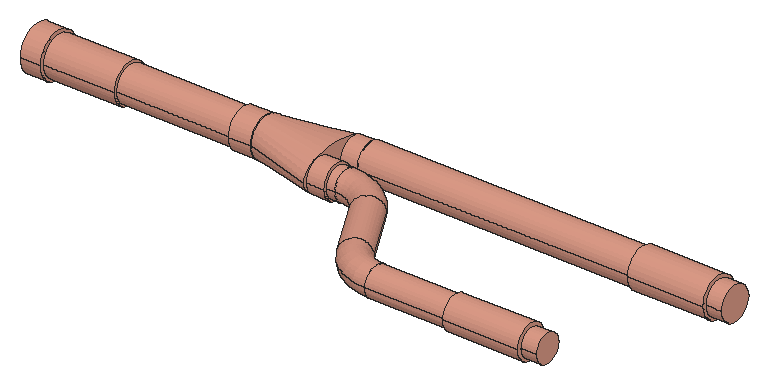
Revit family "outputfile", category 配管付属品, Revit 2024
Family settings
  丸型コネクタ寸法 = 半径を使用
  パーツ タイプ = 標準
  OmniClass 番号 = 23.65.55.00
  OmniClass タイトル = Distribution of Supplied Liquids/Gases
  作業面ベース = いいえ
  常に垂直 = はい
  ロード時にボイドで切り取り = いいえ
  共有 = いいえ
Parameters (values of type "BHRP26A33T")
  Description = ""
  製造元 = "Daikin"
  書き出し IFC クラス(タイプ) = "IfcPipeFittingType"
  Default Elevation = 0.0 mm
  定義済み IFC タイプ(タイプ) = "JUNCTION"
  Cost = 0
  モデル = "BHRP26A33T"
  Type Comments = ""
  Keynote = ""
  Type Image = (empty or 0)
  Assembly Code = ""
  table_StraightPipe [instance] = if(mm⇔inch, "Refnet Joint_BHRP26A-T_Gas_StraightPipe", "Refnet Joint_BHRP26A-T_Gas_StraightPipe_inch")  # "Refnet Joint_BHRP26A-T_Gas_StraightPipe"
  table_BranchPipe [instance] = if(mm⇔inch, "Refnet Joint_BHRP26A-T_Gas_BranchPipe", "Refnet Joint_BHRP26A-T_Gas_BranchPipe_inch")  # "Refnet Joint_BHRP26A-T_Gas_BranchPipe"
  table_Inlet [instance] = if(mm⇔inch, "Refnet Joint_BHRP26A-T_Gas_Inlet", "Refnet Joint_BHRP26A-T_Gas_Inlet_inch")  # "Refnet Joint_BHRP26A-T_Gas_Inlet"
  switch_StraightPipe_Reducer [instance] = if(Is_StraightPipe Reducer = 1, 1 = 1, 1 = 0)  # no
  switch_StraightPipe3 [instance] = if(number_StraightPipe = 3, 1 = 1, 1 = 0)  # no
  switch_StraightPipe2 [instance] = if(number_StraightPipe < 2, 1 = 0, 1 = 1)  # yes
  switch_BranchPipe_Reducer [instance] = if(Is_BranchPipe Reducer = 1, 1 = 1, 1 = 0)  # no
  switch_BranchPipe3 [instance] = if(number_BranchPipe = 3, 1 = 1, 1 = 0)  # no
  switch_BranchPipe2 [instance] = if(number_BranchPipe < 2, 1 = 0, 1 = 1)  # yes
  switch_Inlet pipe_Reducer [instance] = if(Is_Inlet Reducer = 1, 1 = 1, 1 = 0)  # no
  switch_Inlet pipe3 [instance] = if(number_InletPipe = 3, 1 = 1, 1 = 0)  # no
  switch_Inlet pipe2 [instance] = if(number_InletPipe < 2, 1 = 0, 1 = 1)  # yes
  mm⇔inch [instance] = yes
  Uniclass2015Version = "Products v1.31"
  Uniclass2015Title = "Copper pipe fittings"
  Uniclass2015Code = "Pr_65_52_63_18"
  URL = ""
  StraightPipe_Gas_ActualDiameter [instance] = 15.9 mm
  Material_Piping = DAIKIN_Copper_Pipe
  Material_Insulation = DAIKIN_White_Insulation
  lw_Insulation [instance] = size_lookup(table_Inlet, "lw_Insulation", 60.0 mm, モデル)  # 60.0 mm
  Unit Type = "BHRP26A-T_Gas"
  Tag No. [instance] = ""
  StraightPipe_Gas_Status [instance] = size_lookup(table_StraightPipe, "Information", "The connected pipe size is not available.", モデル, StraightPipe_Gas_ActualDiameter)  # "Default connector size is used."
  Link_Nested Family [instance] = ""
  Inlet_Gas_Actual Diameter [instance] = 22.2 mm
  IfcVersion = ""
  IfcExportType = "JUNCTION"
  IfcExportAs = "IfcPipeFittingType"
  BranchPipe_Gas_Status [instance] = size_lookup(table_BranchPipe, "Information", "The connected pipe size is not available.", モデル, BranchPipe_Gas_ActualDiameter)  # "Default connector size is used."
  Inlet_Gas_Status [instance] = size_lookup(table_Inlet, "Information", "The connected pipe size is not available.", モデル, Inlet_Gas_Actual Diameter)  # "Default connector size is used."
  Series = "Refnet Joint"
  O.R_dividePipe_Inlet [instance] = (I.D_InletPipe1 + 2.0 mm) / 2  # 10.55 mm
  r_StraightPipe_Connector [instance] = StraightPipe_Gas_ActualDiameter / 2  # 7.95 mm
  r_BranchPipe_Connector [instance] = BranchPipe_Gas_ActualDiameter / 2  # 6.35 mm
  r_Inlet_Connector [instance] = Inlet_Gas_Actual Diameter / 2  # 11.1 mm
  number_StraightPipe [instance] = size_lookup(table_StraightPipe, "pipeNumber", 2, モデル, StraightPipe_Gas_ActualDiameter)  # 2
  number_BranchPipe [instance] = size_lookup(table_BranchPipe, "pipeNumber", 2, モデル, BranchPipe_Gas_ActualDiameter)  # 2
  number_InletPipe [instance] = size_lookup(table_Inlet, "pipeNumber", 3, モデル, Inlet_Gas_Actual Diameter)  # 2
  r_BranchPipeR [instance] = size_lookup(table_BranchPipe, "r_offsetPipeR", 25.0 mm, モデル, BranchPipe_Gas_ActualDiameter)  # 25.0 mm
  l_BranchPipe_Straight2 [instance] = size_lookup(table_BranchPipe, "L_offsetPipe2", 43.0 mm, モデル)  # 43.0 mm
  l_BranchPipe_Straight1 [instance] = size_lookup(table_BranchPipe, "L_offsetPipe1", 5.0 mm, モデル)  # 5.0 mm
  l_BranchPipe connector [instance] = size_lookup(table_BranchPipe, "Length", 170.0 mm, モデル, BranchPipe_Gas_ActualDiameter)  # 170.0 mm
  l_inlet connector [instance] = size_lookup(table_Inlet, "Length", 130.0 mm, モデル, Inlet_Gas_Actual Diameter)  # 124.0 mm
  l_dividePipe [instance] = size_lookup(table_Inlet, "L_devidePipe", 38.0 mm, モデル)  # 38.0 mm
  l_StraightPipeReducer [instance] = size_lookup(table_StraightPipe, "L_Reducer", 2.0 mm, モデル, StraightPipe_Gas_ActualDiameter)  # 100.0 mm
  l_StraightPipe3 [instance] = size_lookup(table_StraightPipe, "L_Pipe3", 2.0 mm, モデル)  # 2.0 mm
  l_StraightPipe2 [instance] = size_lookup(table_StraightPipe, "L_Pipe2", 9.0 mm, モデル)  # 9.0 mm
  l_StraightPipe1 [instance] = size_lookup(table_StraightPipe, "L_Pipe1", 41.0 mm, モデル)  # 41.0 mm
  l_StraightPipe0 [instance] = size_lookup(table_StraightPipe, "L_Pipe0", 152.0 mm, モデル)  # 148.0 mm
  l_StraightPipe connector [instance] = size_lookup(table_StraightPipe, "Length", 212.0 mm, モデル, StraightPipe_Gas_ActualDiameter)  # 208.0 mm
  l_BranchPipe Reducer [instance] = size_lookup(table_BranchPipe, "L_Reducer", 2.0 mm, モデル, BranchPipe_Gas_ActualDiameter)  # 80.0 mm
  l_BranchPipe3 [instance] = size_lookup(table_BranchPipe, "L_Pipe3", 2.0 mm, モデル)  # 2.0 mm
  l_BranchPipe2 [instance] = size_lookup(table_BranchPipe, "L_Pipe2", 9.0 mm, モデル)  # 9.0 mm
  l_BranchPipe1 [instance] = size_lookup(table_BranchPipe, "L_Pipe1", 41.0 mm, モデル)  # 41.0 mm
  l_BranchPipe0 [instance] = size_lookup(table_BranchPipe, "L_Pipe0", 110.0 mm, モデル)  # 110.0 mm
  l_InletReducer [instance] = size_lookup(table_Inlet, "L_Reducer", 2.0 mm, モデル, Inlet_Gas_Actual Diameter)  # 100.0 mm
  l_InletPipe3 [instance] = size_lookup(table_Inlet, "L_Pipe3", 8.0 mm, モデル)  # 2.0 mm
  l_InletPipe2 [instance] = size_lookup(table_Inlet, "L_Pipe2", 42.0 mm, モデル)  # 11.0 mm
  l_InletPipe1 [instance] = size_lookup(table_Inlet, "L_Pipe1", 40.0 mm, モデル)  # 39.0 mm
  l_InletPipe0 [instance] = size_lookup(table_Inlet, "L_Pipe0", 28.0 mm, モデル)  # 62.0 mm
  center_StraightPipe [instance] = size_lookup(table_StraightPipe, "center_Pipe", 11.5 mm, モデル)  # 11.5 mm
  center_BranchPipe2 [instance] = size_lookup(table_BranchPipe, "center_OffsetPipe", 67.5 mm, モデル)  # 68.5 mm
  center_BranchPipe1 [instance] = size_lookup(table_BranchPipe, "center_Pipe", 11.5 mm, モデル)  # 11.5 mm
  StraightPipe_Gas_AvailableDiameter [instance] = size_lookup(table_StraightPipe, "sizeVariation", "", モデル)  # "15.9/19.1/22.2mm"
  BranchPipe_Gas_AvailableDiameter [instance] = size_lookup(table_BranchPipe, "sizeVariation", "", モデル)  # "12.7/15.9/19.1mm"
  Inlet_Gas_Available Diameter [instance] = size_lookup(table_Inlet, "sizeVariation", "", モデル)  # "19.1/22.2mm"
  O.D_StraightPipe Reducer [instance] = size_lookup(table_StraightPipe, "O.D_reducer", 2.0 mm, モデル, StraightPipe_Gas_ActualDiameter)  # 2.0 mm
  O.D_Offset Outlet Reducer [instance] = size_lookup(table_BranchPipe, "O.D_reducer", 2.0 mm, モデル, BranchPipe_Gas_ActualDiameter)  # 2.0 mm
  O.D_Inlet Reducer [instance] = size_lookup(table_Inlet, "O.D_reducer", 2.0 mm, モデル, Inlet_Gas_Actual Diameter)  # 2.0 mm
  Is_StraightPipe Reducer [instance] = size_lookup(table_StraightPipe, "IsReducer", 0, モデル, StraightPipe_Gas_ActualDiameter)  # 0
  Is_BranchPipe Reducer [instance] = size_lookup(table_BranchPipe, "IsReducer", 0, モデル, BranchPipe_Gas_ActualDiameter)  # 0
  Is_Inlet Reducer [instance] = size_lookup(table_Inlet, "IsReducer", 0, モデル, Inlet_Gas_Actual Diameter)  # 0
  BranchPipe_Gas_ActualDiameter [instance] = 12.7 mm
  Attach_Insulation [instance] = no
  I.D_StraightPipe3 [instance] = size_lookup(table_StraightPipe, "I.D_PipeSize3", 12.7 mm, モデル)  # 2.0 mm
  I.D_StraightPipe2 [instance] = size_lookup(table_StraightPipe, "I.D_PipeSize2", 12.7 mm, モデル)  # 15.9 mm
  I.D_StraightPipe1 [instance] = size_lookup(table_StraightPipe, "I.D_PipeSize1", 15.9 mm, モデル)  # 19.1 mm
  I.D_StraightPipe0 [instance] = size_lookup(table_StraightPipe, "I.D_PipeSize0", 13.9 mm, モデル)  # 17.1 mm
  I.D_BranchPipe3 [instance] = size_lookup(table_BranchPipe, "I.D_PipeSize3", 12.7 mm, モデル)  # 2.0 mm
  I.D_BranchPipe2 [instance] = size_lookup(table_BranchPipe, "I.D_PipeSize2", 12.7 mm, モデル)  # 12.7 mm
  I.D_BranchPipe1 [instance] = size_lookup(table_BranchPipe, "I.D_PipeSize1", 15.9 mm, モデル)  # 15.9 mm
  I.D_BranchPipe0 [instance] = size_lookup(table_BranchPipe, "I.D_PipeSize0", 13.9 mm, モデル)  # 13.9 mm
  I.D_Straight Reducer [instance] = size_lookup(table_StraightPipe, "I.D_reducer", 2.0 mm, モデル, StraightPipe_Gas_ActualDiameter)  # 2.0 mm
  I.D_OutletPipe [instance] = size_lookup(table_Inlet, "I.D_OutletPipeSize", 16.0 mm, モデル, Inlet_Gas_Actual Diameter)  # 16.0 mm
  I.D_Branch Reducer [instance] = size_lookup(table_BranchPipe, "I.D_reducer", 2.0 mm, モデル, BranchPipe_Gas_ActualDiameter)  # 2.0 mm
  I.D_Inlet Reducer [instance] = size_lookup(table_Inlet, "I.D_reducer", 2.0 mm, モデル, Inlet_Gas_Actual Diameter)  # 2.0 mm
  I.D_InletPipe3 [instance] = size_lookup(table_Inlet, "I.D_PipeSize3", 12.7 mm, モデル)  # 2.0 mm
  I.D_InletPipe2 [instance] = size_lookup(table_Inlet, "I.D_PipeSize2", 15.9 mm, モデル)  # 22.2 mm
  I.D_InletPipe1 [instance] = size_lookup(table_Inlet, "I.D_PipeSize1", 19.1 mm, モデル)  # 19.1 mm
  I.D_InletPipe0 [instance] = size_lookup(table_Inlet, "I.D_PipeSize0", 17.1 mm, モデル)  # 17.1 mm
Reference planes
  plane 1 "Center (Front/Back)": y = 0
  plane 2: z = 0
  plane 3 "base_left": x = 0
  plane 4: x = 2
  plane 5: x = 13
  plane 6: x = 52
  plane 7: x = 114
  plane 8: x = 126
  plane 9: x = 164
  plane 10: x = 174
  plane 11 "center_straight outlet": y = 11.5
  plane 12 "center2_offset outlet": y = -68.5
  plane 13 "center1_offset outlet": y = -11.5
  plane 14: x = 322
  plane 15: x = 363
  plane 16: x = 372
  plane 17: x = 284
  plane 18: x = 325
  plane 19: x = 334
  plane 20: x = 374
  plane 21: x = 336
  plane 22 "Reducer_straightoutlet": x = 334
  plane 23: x = 372
  plane 24: y = -22.05
  plane 25: z = 10.55
  plane 26 "Inlet_connector": x = 2
  plane 27 "Left_Insulation": x = 66
Forms (mm)
  SweptBlend 1, solid, material "DAIKIN_Copper_Pipe" <- "Material_Piping"
    path origin (0, 0, 0) x (1, 0, 0) y (0, 1, 0)
      loop
        line (126, 0) -> (164, 0)
    profile origin (126, 0, 0) x (0, 1, 0) y (0, 0, 1)
      loop
        circle (0, 0) r 10.55
    end profile origin (164, 0, 0) x (0, 1, 0) y (0, 0, 1)
      loop
        spline (-22.05, 0) -> (-21.299, -2.731) -> (-19.096, -5.275) -> (-15.592, -7.46) -> (-11.025, -9.137) -> (-5.707, -10.191) -> (0, -10.55) -> (5.707, -10.191) -> (11.025, -9.137) -> (15.592, -7.46) -> (19.096, -5.275) -> (21.299, -2.731) -> (22.05, 0)
        spline (22.05, 0) -> (21.299, 2.731) -> (19.096, 5.275) -> (15.592, 7.46) -> (11.025, 9.137) -> (5.707, 10.191) -> (0, 10.55) -> (-5.707, 10.191) -> (-11.025, 9.137) -> (-15.592, 7.46) -> (-19.096, 5.275) -> (-21.299, 2.731) -> (-22.05, 0)
Dimensions and locks
  "l_InletPipe3": plane 3 "base_left" to plane 4
  "l_InletPipe2": plane 4 to plane 5
  "l_InletPipe1": plane 5 to plane 6
  "l_InletPipe0": plane 6 to plane 7
  locked: plane 7 to plane 8 at 12
  "center_StraightPipe": plane 1 "Center (Front/Back)" to plane 11 "center_straight outlet"
  "center_BranchPipe2": plane 12 "center2_offset outlet" to plane 1 "Center (Front/Back)"
  "center_BranchPipe1": plane 13 "center1_offset outlet" to plane 1 "Center (Front/Back)"
  "l_dividePipe": plane 8 to plane 9
  plane 9 to plane 10 = 10.0 mm
  "l_StraightPipe0": plane 10 to plane 14
  "l_BranchPipe0": plane 10 to plane 17
  "l_BranchPipe1": plane 17 to plane 18
  "l_BranchPipe2": plane 18 to plane 19
  "l_StraightPipe1": plane 14 to plane 15
  "l_StraightPipe2": plane 15 to plane 16
  "l_StraightPipe3": plane 16 to plane 20
  "l_BranchPipe3": plane 19 to plane 21
  "l_BranchPipe connector": plane 9 to plane 22 "Reducer_straightoutlet"
  "l_StraightPipe connector": plane 9 to plane 23
  "O.R_dividePipe_Inlet": plane 24 to plane 13 "center1_offset outlet"
  "O.R_dividePipe_Inlet": plane 25 to plane 2
  "l_inlet connector": plane 26 "Inlet_connector" to plane 8
  "lw_Insulation": plane 27 "Left_Insulation" to plane 8
  "O.R_dividePipe_Inlet": radius of SweptBlend 1 sketch curve
  aligned and locked: level to plane 2
  aligned and locked: plane 2 to nested 1
  aligned and locked: plane 3 "base_left" to nested 1
  aligned and locked: plane 1 "Center (Front/Back)" to nested 1
  aligned and locked: plane 4 to nested 2
  aligned and locked: plane 1 "Center (Front/Back)" to nested 2
  aligned and locked: plane 5 to nested 2
  aligned and locked: plane 5 to nested 3
  aligned and locked: plane 6 to nested 3
  aligned and locked: plane 6 to nested 4
  aligned and locked: nested 4 to plane 7
  aligned and locked: nested 5 to plane 7
  aligned and locked: nested 5 to plane 8
  aligned and locked: plane 8 to SweptBlend 1 sketch curve
  aligned and locked: plane 9 to SweptBlend 1 sketch curve
  aligned and locked: plane 2 to SweptBlend 1 sketch curve  (x2)
  aligned and locked: plane 1 "Center (Front/Back)" to SweptBlend 1 sketch curve  (x2)
  aligned and locked: nested 6 to plane 9
  aligned and locked: nested 7 to plane 9
  aligned and locked: nested 6 to plane 11 "center_straight outlet"
  aligned and locked: nested 7 to plane 13 "center1_offset outlet"
  aligned and locked: nested 7 to plane 10
  aligned and locked: nested 6 to plane 10
  aligned and locked: nested 8 to plane 10
  aligned and locked: plane 14 to nested 8
  aligned and locked: nested 8 to plane 11 "center_straight outlet"
  aligned and locked: plane 14 to nested 9
  aligned and locked: nested 9 to plane 11 "center_straight outlet"
  aligned and locked: plane 15 to nested 9
  aligned and locked: nested 10 to plane 11 "center_straight outlet"
  aligned and locked: plane 15 to nested 10
  aligned and locked: plane 16 to nested 10
  aligned and locked: nested 11 to plane 12 "center2_offset outlet"
  aligned and locked: plane 17 to nested 11
  aligned and locked: plane 18 to nested 11
  aligned and locked: nested 12 to plane 12 "center2_offset outlet"
  aligned and locked: plane 18 to nested 12
  aligned and locked: plane 19 to nested 12
  aligned and locked: nested 13 to plane 10
  aligned and locked: nested 13 to plane 13 "center1_offset outlet"
  aligned and locked: nested 13 to plane 12 "center2_offset outlet"
  aligned and locked: plane 8 to nested 14
  aligned and locked: plane 1 "Center (Front/Back)" to nested 14
  aligned and locked: plane 11 "center_straight outlet" to nested 15
  aligned and locked: nested 15 to plane 9
  aligned and locked: nested 16 to plane 9
  aligned and locked: plane 12 "center2_offset outlet" to nested 16
  aligned and locked: nested 17 to plane 1 "Center (Front/Back)"
  aligned and locked: plane 16 to nested 18
  aligned and locked: plane 20 to nested 18
  aligned and locked: plane 19 to nested 19
  aligned and locked: plane 21 to nested 19
  aligned and locked: nested 20 to plane 12 "center2_offset outlet"
  aligned and locked: plane 23 to nested 21
  aligned and locked: nested 21 to plane 11 "center_straight outlet"
  aligned and locked: plane 4 to nested 1
  aligned and locked: plane 24 to SweptBlend 1 sketch curve
  aligned and locked: plane 25 to SweptBlend 1 sketch curve
  aligned and locked: nested 19 to plane 12 "center2_offset outlet"
  aligned and locked: nested 18 to plane 11 "center_straight outlet"
  aligned and locked: nested 17 to plane 26 "Inlet_connector"
  aligned and locked: plane 22 "Reducer_straightoutlet" to nested 20
  aligned and locked: plane 27 "Left_Insulation" to nested 22
  aligned and locked: plane 1 "Center (Front/Back)" to nested 22
Automatic sketch dimensions
  plane 1 "Center (Front/Back)" to SweptBlend 1 sketch curve = 0.0 mm
Nested families
  nested 1: "daikin_Pipe" at (1, 0, 0), I.D_Pipe <- "I.D_InletPipe3", display <- "switch_Inlet pipe3", type "*"
    with length_Pipe 2.0 mm, display no, O.D_Pipe 4.0 mm, I.D_Pipe 2.0 mm
  nested 2: "daikin_Pipe" at (7.5, 0, 0), I.D_Pipe <- "I.D_InletPipe2", display <- "switch_Inlet pipe2", type "*"
    with length_Pipe 11.0 mm, display yes, O.D_Pipe 24.2 mm, I.D_Pipe 22.2 mm
  nested 3: "daikin_Pipe" at (32.5, 0, 0), I.D_Pipe <- "I.D_InletPipe1", type "*"
    with length_Pipe 39.0 mm, display yes, O.D_Pipe 21.1 mm, I.D_Pipe 19.1 mm
  nested 4: "daikin_Pipe" at (83, 0, 0), I.D_Pipe <- "I.D_InletPipe0", type "*"
    with length_Pipe 62.0 mm, display yes, O.D_Pipe 19.1 mm, I.D_Pipe 17.1 mm
  nested 5: "daikin_Pipe" at (120, 0, 0), I.D_Pipe <- "I.D_InletPipe1", type "*"
    with length_Pipe 12.0 mm, display yes, O.D_Pipe 21.1 mm, I.D_Pipe 19.1 mm
  nested 6: "daikin_Pipe" at (169, 11.5, 0), I.D_Pipe <- "I.D_OutletPipe", type "*"
    with length_Pipe 10.0 mm, display yes, O.D_Pipe 18.0 mm, I.D_Pipe 16.0 mm
  nested 7: "daikin_Pipe" at (169, -11.5, 0), I.D_Pipe <- "I.D_OutletPipe", type "*"
    with length_Pipe 10.0 mm, display yes, O.D_Pipe 18.0 mm, I.D_Pipe 16.0 mm
  nested 8: "daikin_Pipe" at (248, 11.5, 0), I.D_Pipe <- "I.D_StraightPipe0", type "*"
    with length_Pipe 148.0 mm, display yes, O.D_Pipe 19.1 mm, I.D_Pipe 17.1 mm
  nested 9: "daikin_Pipe" at (342.5, 11.5, 0), I.D_Pipe <- "I.D_StraightPipe1", type "*"
    with length_Pipe 41.0 mm, display yes, O.D_Pipe 21.1 mm, I.D_Pipe 19.1 mm
  nested 10: "daikin_Pipe" at (367.5, 11.5, 0), I.D_Pipe <- "I.D_StraightPipe2", display <- "switch_StraightPipe2", type "*"
    with length_Pipe 9.0 mm, display yes, O.D_Pipe 17.9 mm, I.D_Pipe 15.9 mm
  nested 11: "daikin_Pipe" at (304.5, -68.5, 0), I.D_Pipe <- "I.D_BranchPipe1", type "*"
    with length_Pipe 41.0 mm, display yes, O.D_Pipe 17.9 mm, I.D_Pipe 15.9 mm
  nested 12: "daikin_Pipe" at (329.5, -68.5, 0), I.D_Pipe <- "I.D_BranchPipe2", display <- "switch_BranchPipe2", type "*"
    with length_Pipe 9.0 mm, display yes, O.D_Pipe 14.7 mm, I.D_Pipe 12.7 mm
  nested 13: "daikin_Pipe Ofsset" at (174, -11.5, 0), I.D_Pipe size <- "I.D_BranchPipe0", length_straight pipe1 <- "l_BranchPipe_Straight1", length_straight pipe2 <- "l_BranchPipe_Straight2", r_Pipe R <- "r_BranchPipeR", length_Pipe <- "l_BranchPipe0", type "*"
    with r_Pipe R 25.0 mm, length_straight pipe2 43.0 mm, length_straight pipe1 5.0 mm, length_offset center 57.0 mm, length_Pipe 110.0 mm, O.D_Pipe size 15.9 mm, I.D_Pipe size 13.9 mm
  nested 14: "daikin_connector_rotate2" at (126, 0, 0) x (0, -1, 0) z (0, 0, 1), length <- "l_inlet connector", type "daikin_connector_rotate2"
    with radius 5.0 mm, length 124.0 mm, angle_vertical 90.00°, locaton_mark no
  nested 15: "daikin_connector_rotate2" at (164, 11.5, 0) x (0, 1, 0) z (0, 0, 1), length <- "l_StraightPipe connector", type "daikin_connector_rotate2"
    with radius 5.0 mm, length 208.0 mm, angle_vertical 90.00°, locaton_mark no
  nested 16: "daikin_connector_rotate2" at (164, -68.5, 0) x (0, 1, 0) z (0, 0, 1), length <- "l_BranchPipe connector", type "daikin_connector_rotate2"
    with radius 5.0 mm, length 170.0 mm, angle_vertical 90.00°, locaton_mark no
  nested 17: "daikin_Pipe_reducer" at (52, 0, 0) x (-1, 0, 0) z (0, 0, 1), display <- "switch_Inlet pipe_Reducer", length_Pipe <- "l_InletReducer", I.D_Pipe1 <- "I.D_Inlet Reducer", O.D_Pipe2 <- "O.D_Inlet Reducer", type "*"
    with length_Pipe 100.0 mm, display no, O.D_Pipe2 2.0 mm, O.D_Pipe1 4.0 mm, I.D_Pipe2 0.0 mm, I.D_Pipe1 2.0 mm
  nested 18: "daikin_Pipe" at (373, 11.5, 0), I.D_Pipe <- "I.D_StraightPipe3", display <- "switch_StraightPipe3", type "*"
    with length_Pipe 2.0 mm, display no, O.D_Pipe 4.0 mm, I.D_Pipe 2.0 mm
  nested 19: "daikin_Pipe" at (335, -68.5, 0), I.D_Pipe <- "I.D_BranchPipe3", display <- "switch_BranchPipe3", type "*"
    with length_Pipe 2.0 mm, display no, O.D_Pipe 4.0 mm, I.D_Pipe 2.0 mm
  nested 20: "daikin_Pipe_reducer" at (294, -68.5, 0), I.D_Pipe1 <- "I.D_Branch Reducer", O.D_Pipe2 <- "O.D_Offset Outlet Reducer", length_Pipe <- "l_BranchPipe Reducer", display <- "switch_BranchPipe_Reducer", type "*"
    with length_Pipe 80.0 mm, display no, O.D_Pipe2 2.0 mm, O.D_Pipe1 4.0 mm, I.D_Pipe2 0.0 mm, I.D_Pipe1 2.0 mm
  nested 21: "daikin_Pipe_reducer" at (322, 11.5, 0), I.D_Pipe1 <- "I.D_Straight Reducer", O.D_Pipe2 <- "O.D_StraightPipe Reducer", length_Pipe <- "l_StraightPipeReducer", display <- "switch_StraightPipe_Reducer", type "*"
    with length_Pipe 100.0 mm, display no, O.D_Pipe2 2.0 mm, O.D_Pipe1 4.0 mm, I.D_Pipe2 0.0 mm, I.D_Pipe1 2.0 mm
  nested 22: "daikin_Insulation_RefnetJoint" at (66, 0, 0), I.D_Outlet PipeSize <- "I.D_OutletPipe", type "*"
    with h 48.0 mm, I.D_Outlet PipeSize 16.0 mm, w_Insulation4 65.6 mm, w_Insulation3 38.9 mm, w_Insulation2 75.0 mm, w_Insulation1 35.0 mm, d_Insulation3 133.0 mm, d_Insulation1 55.0 mm
Connectors
  piping at (2, 0, 0), diameter 22.2, driven by "r_Inlet_Connector"
    settings: on nested 14, index 1, connector inside diameter 609.6 mm, connector length 0.0 mm, flow factor 0, pipe flow 0.00 m³/h, pressure drop 0.0 Pa, fitting loss kfactor 0, connector angle 0.00°, fixture units 0, engagement length 0.0 mm, angle of deflection 0.00°, flow configuration 0, flow direction 2, fitting loss method 0, system type 29, joint type 0, gender type 0, connector reference index -1, connector utility 0, adjustable connector no, is connector primary yes, connector description "Refnet Joint_Inlet_Gas"
  piping at (334, -68.5, 0), diameter 12.7, driven by "r_BranchPipe_Connector"
    settings: on nested 16, index 2, connector inside diameter 609.6 mm, connector length 0.0 mm, flow factor 0, pipe flow 0.00 m³/h, pressure drop 0.0 Pa, fitting loss kfactor 0, connector angle 0.00°, fixture units 0, engagement length 0.0 mm, angle of deflection 0.00°, flow configuration 0, flow direction 1, fitting loss method 0, system type 29, joint type 0, gender type 0, connector reference index -1, connector utility 0, adjustable connector no, is connector primary no, connector description "Refnet Joint_Outlet Branch_Gas"
  piping at (372, 11.5, 0), diameter 15.9, driven by "r_StraightPipe_Connector"
    settings: on nested 15, index 3, connector inside diameter 609.6 mm, connector length 0.0 mm, flow factor 0, pipe flow 0.00 m³/h, pressure drop 0.0 Pa, fitting loss kfactor 0, connector angle 0.00°, fixture units 0, engagement length 0.0 mm, angle of deflection 0.00°, flow configuration 0, flow direction 1, fitting loss method 0, system type 29, joint type 0, gender type 0, connector reference index -1, connector utility 0, adjustable connector no, is connector primary no, connector description "Refnet Joint_Outlet Straight_Gas"
Definition of nested family "daikin_Pipe"
  Parameters (values of type "*")
    Default Elevation = 0.0 mm
    material = none
    length_Pipe [instance] = 150.0 mm
    display [instance] = yes
    O.D_Pipe [instance] = I.D_Pipe + 2.0 mm  # 27.0 mm
    I.D_Pipe [instance] = 25.0 mm
  Reference planes
    plane 1 "Center (Front/Back)": y = 0
    plane 2 "center(vertical)": z = 0
    plane 3 "Center (Left/Right)": x = 0
    plane 4 "left": x = -75
    plane 5 "right": x = 75
  Forms (mm)
    Extrusion 1, solid, material <- "material", visible <- "display"
      sketch origin (0, 0, 0) x (0, 1, 0) y (0, 0, 1)
        loop
          circle (0, 0) r 13.5
      from -75 to 75
  Dimensions and locks
    equal spacing: plane 4 "left", plane 3 "Center (Left/Right)", plane 5 "right"
    "length_Pipe": plane 4 "left" to plane 5 "right"
    "O.D_Pipe": diameter of Extrusion 1 sketch curve
    aligned and locked: level to plane 2 "center(vertical)"
    aligned and locked: plane 2 "center(vertical)" to Extrusion 1 sketch curve
    aligned and locked: plane 1 "Center (Front/Back)" to Extrusion 1 sketch curve
    aligned and locked: plane 5 "right" to Extrusion 1
    aligned and locked: Extrusion 1 to plane 4 "left"
Definition of nested family "daikin_Pipe Ofsset"
  Parameters (values of type "*")
    Default Elevation = 0.0 mm
    r_Pipe R [instance] = 40.0 mm
    material = none
    length_straight pipe2 [instance] = 43.0 mm
    length_straight pipe1 [instance] = 5.0 mm
    length_offset center [instance] = 57.0 mm
    length_Pipe [instance] = 110.0 mm
    O.D_Pipe size [instance] = I.D_Pipe size + 2.0 mm  # 12.0 mm
    I.D_Pipe size [instance] = 10.0 mm
  Reference planes
    plane 1 "Center (Front/Back)": y = 0
    plane 2: z = 0
    plane 3 "Center (Left/Right)": x = 0
    plane 4: y = -57
    plane 5: x = 110
    plane 6: x = 67
    plane 7: x = 5
  Forms (mm)
    Sweep 1, solid, material <- "material"
      path origin (0, 0, 0) x (1, 0, 0) y (0, 1, 0)
        loop
          line (0, 0) -> (5, 0)
          arc (5, 0) -> (20.74, -3.227) -> (33.94, -12.387) r 40
          line (33.94, -12.387) -> (38.06, -44.613)
          arc (38.06, -44.613) -> (51.26, -53.773) -> (67, -57) r 40
          line (67, -57) -> (110, -57)
      profile origin (2.5, 0, 0) x (0, 1, 0) y (0, 0, 1)
        loop
          circle (0, 0) r 6
  Dimensions and locks
    "length_offset center": plane 4 to plane 1 "Center (Front/Back)"
    "length_straight pipe1": plane 3 "Center (Left/Right)" to plane 7
    "length_Pipe": plane 3 "Center (Left/Right)" to plane 5
    "length_straight pipe2": plane 6 to plane 5
    "O.D_Pipe size": diameter of Sweep 1 sketch curve
    "r_Pipe R": radius of Sweep 1 sketch curve  (x2)
    aligned and locked: level to plane 2
    aligned and locked: plane 1 "Center (Front/Back)" to Sweep 1 sketch curve
    aligned and locked: profile plane to Sweep 1 sketch curve
    aligned and locked: plane 5 to Sweep 1 sketch curve
    aligned and locked: plane 7 to Sweep 1 sketch curve
    aligned and locked: plane 6 to Sweep 1 sketch curve
  Automatic sketch dimensions
    plane 1 "Center (Front/Back)" to Sweep 1 sketch curve = 0.0 mm
    Sweep 1 sketch curve to plane 3 "Center (Left/Right)" = 0.0 mm
    plane 4 to Sweep 1 sketch curve = 0.0 mm
    plane 1 "Center (Front/Back)" to Sweep 1 sketch curve = 12.387 mm
    Sweep 1 sketch curve to plane 4 = 12.387 mm
Definition of nested family "daikin_connector_rotate2"
  Parameters (values of type "daikin_connector_rotate2")
    show_face = no
    radius [instance] = 10.0 mm
    locaton_mark = yes
    length [instance] = 600.0 mm
    d_surface = 10.0 mm
    angle_vertical [instance] = 90.00°
    Default Elevation = 0.0 mm
  Reference planes
    plane 1 "Center (Front/Back)": y = 0
    plane 2: z = 0
    plane 3 "Center (Left/Right)": x = 0
  Forms (mm)
    Extrusion 1, solid, visible <- "show_face"
      sketch origin (0, -600, 0) x (1, 0, 0) y (0, 0, 1)
        loop
          circle (0, 0) r 10
      from 0 to -10
  Lines and regions (mm)
    reference lines
      curve 1: line (0, 0, 0) -> (0, -600, 0)
    symbolic lines, visible <- "locaton_mark"
      curve 2: circle (0, 0, 0) r 5 normal (0, 0, 1)
    model lines, visible <- "show_face"
      curve 3: line (0, 0, 0) -> (0, -600, 0)
  Dimensions and locks
    "length": curve 1 to curve 1
    "length": curve 3 to curve 3
    "d_surface": Extrusion 1 to Extrusion 1
    "radius": radius of Extrusion 1 sketch curve
    "angle_vertical": angle curve 1 to plane 1 "Center (Front/Back)"
    "angle_vertical": angle curve 3 to plane 1 "Center (Front/Back)"
    aligned and locked: level to plane 2
    aligned and locked: plane 1 "Center (Front/Back)" to curve 1
    aligned and locked: plane 2 to curve 1
    aligned and locked: plane 1 "Center (Front/Back)" to curve 2
    aligned and locked: plane 3 "Center (Left/Right)" to curve 2
    aligned and locked: plane 1 "Center (Front/Back)" to curve 3
    aligned and locked: plane 2 to curve 3
    aligned and locked: Extrusion 1 to Extrusion 1
  Automatic sketch dimensions
    Extrusion 1 sketch curve to level = 0.0 mm
    Extrusion 1 sketch curve to plane 3 "Center (Left/Right)" = 0.0 mm
    radius of curve 2 = 5.0 mm
Definition of nested family "daikin_Pipe_reducer"
  Parameters (values of type "*")
    Default Elevation = 0.0 mm
    material = none
    length_Pipe [instance] = 250.0 mm
    display [instance] = yes
    O.D_Pipe2 [instance] = 19.1 mm
    O.D_Pipe1 [instance] = I.D_Pipe1 + 2.0 mm  # 24.2 mm
    I.D_Pipe2 [instance] = O.D_Pipe2 - 2.0 mm  # 17.1 mm
    I.D_Pipe1 [instance] = 22.2 mm
  Reference planes
    plane 1 "Center (Front/Back)": y = 0
    plane 2 "center(vertical)": z = 0
    plane 3 "Center (Left/Right)": x = 0
    plane 4 "connection": x = -125
    plane 5 "right": x = 113
    plane 6: x = 125
  Forms (mm)
    Extrusion 1, solid, material <- "material", visible <- "display"
      sketch origin (0, 0, 0) x (0, 1, 0) y (0, 0, 1)
        loop
          circle (0, 0) r 9.55
      from -125 to 113
    Extrusion 2, solid, material <- "material", visible <- "display"
      sketch origin (0, 0, 0) x (0, 1, 0) y (0, 0, 1)
        loop
          circle (0, 0) r 12.1
      from 113 to 125
  Dimensions and locks
    locked: plane 5 "right" to plane 6 at 12
    "length_Pipe": plane 4 "connection" to plane 6
    equal spacing: plane 4 "connection", plane 3 "Center (Left/Right)", plane 6
    "O.D_Pipe2": diameter of Extrusion 1 sketch curve
    "O.D_Pipe1": diameter of Extrusion 2 sketch curve
    aligned and locked: level to plane 2 "center(vertical)"
    aligned and locked: plane 2 "center(vertical)" to Extrusion 1 sketch curve
    aligned and locked: plane 1 "Center (Front/Back)" to Extrusion 1 sketch curve
    aligned and locked: plane 5 "right" to Extrusion 1
    aligned and locked: Extrusion 1 to plane 4 "connection"
    aligned and locked: plane 2 "center(vertical)" to Extrusion 2 sketch curve
    aligned and locked: plane 1 "Center (Front/Back)" to Extrusion 2 sketch curve
    aligned and locked: Extrusion 2 to plane 5 "right"
    aligned and locked: plane 6 to Extrusion 2
Definition of nested family "daikin_Insulation_RefnetJoint"
  Parameters (values of type "*")
    Default Elevation = 0.0 mm
    Model = "BHRP26A22T"
    w_Insulation5 = size_lookup(table_Insulation, "w_Insulation5", 212.0 mm, Model)  # 212.0 mm
    w_Insulation4 = size_lookup(table_Insulation, "w_Insulation4", 67.0 mm, Model)  # 67.0 mm
    w_Insulation3 = size_lookup(table_Insulation, "w_Insulation3", 34.7 mm, Model)  # 34.7 mm
    w_Insulation2 = size_lookup(table_Insulation, "w_Insulation2", 80.0 mm, Model)  # 80.0 mm
    w_Insulation1 = size_lookup(table_Insulation, "w_Insulation1", 22.0 mm, Model)  # 22.0 mm
    table_Insulation = "Refnet Joint_BHRP26A-T_Gas_Insulation"  # constant formula
    material = none
    h [instance] = (I.D_Outlet PipeSize + 2.0 mm) + 30.0 mm  # 47.0 mm
    display = no
    d_Insulation3 = size_lookup(table_Insulation, "d_Insulation3", 131.5 mm, Model)  # 131.5 mm
    d_Insulation2 = size_lookup(table_Insulation, "d_Insulation2", 79.0 mm, Model)  # 79.0 mm
    d_Insulation1 = size_lookup(table_Insulation, "d_Insulation1", 56.0 mm, Model)  # 56.0 mm
    I.D_Outlet PipeSize [instance] = 15.0 mm
  Reference planes
    plane 1 "Center (Front/Back)": y = 0
    plane 2: z = 0
    plane 3 "Left": x = 0
    plane 4 "top": z = 23.5
    plane 5 "bottom": z = -23.5
    plane 6: x = 22
    plane 7: x = 80
    plane 8: y = 28
    plane 9: y = -28
    plane 10: y = 39.5
    plane 11: y = -39.5
    plane 12: y = -92
    plane 13: x = 212
    plane 14: y = -26.25
    plane 15: x = 114.7
    plane 16: x = 145
  Forms (mm)
    Extrusion 1, solid, material <- "material", visible <- "display"
      sketch origin (0, 0, 0) x (1, 0, 0) y (0, 1, 0)
        loop
          line (22, 28) -> (0, 28) -> (0, -28) -> (22, -28) -> (80, -39.5) -> (114.7, -39.5) -> (145, -92) -> (212, -92) -> (212, -43.5) -> (202.5, -43.5)
          arc (202.5, -43.5) -> (189, -30) -> (202.5, -16.5) r 13.5
          line (202.5, -16.5) -> (212, -16.5) -> (212, 39.5) -> (80, 39.5) -> (22, 28)
      from -23.5 to 23.5
  Dimensions and locks
    equal spacing: plane 4 "top", plane 2, plane 5 "bottom"
    "h": plane 4 "top" to plane 5 "bottom"
    "w_Insulation1": plane 3 "Left" to plane 6
    "w_Insulation2": plane 3 "Left" to plane 7
    equal spacing: plane 8, plane 1 "Center (Front/Back)", plane 9
    "d_Insulation1": plane 8 to plane 9
    equal spacing: plane 10, plane 1 "Center (Front/Back)", plane 11
    "d_Insulation2": plane 10 to plane 11
    "d_Insulation3": plane 10 to plane 12
    "w_Insulation5": plane 3 "Left" to plane 13
    "w_Insulation3": plane 7 to plane 15
    "w_Insulation4": plane 16 to plane 13
    aligned and locked: level to plane 2
    aligned and locked: Extrusion 1 to plane 5 "bottom"
    aligned and locked: plane 4 "top" to Extrusion 1
    aligned and locked: plane 6 to Extrusion 1  (x2)
    aligned and locked: plane 7 to Extrusion 1  (x2)
    aligned and locked: plane 6 to Extrusion 1 sketch curve
    aligned and locked: plane 11 to Extrusion 1 sketch curve
    aligned and locked: plane 7 to Extrusion 1 sketch curve  (x2)
    aligned and locked: plane 10 to Extrusion 1 sketch curve
    aligned and locked: Extrusion 1 sketch curve to plane 12
    aligned and locked: Extrusion 1 sketch curve to plane 13  (x2)
    aligned and locked: plane 16 to Extrusion 1 sketch curve
    aligned and locked: plane 15 to Extrusion 1 sketch curve
  Automatic sketch dimensions
    Extrusion 1 sketch curve to plane 3 "Left" = 0.0 mm
    Extrusion 1 sketch curve to plane 6 = 0.0 mm
    Extrusion 1 sketch curve to plane 9 = 0.0 mm
    Extrusion 1 sketch curve to plane 8 = 0.0 mm
    Extrusion 1 sketch curve to plane 11 = 4.0 mm
    Extrusion 1 sketch curve to plane 13 = 9.5 mm
    Extrusion 1 sketch curve to plane 9 = 2.0 mm
